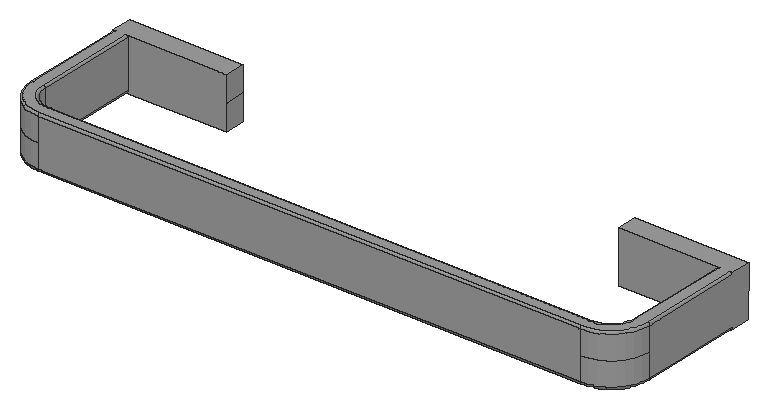
Revit family "TBA ATLAS 30 BRONCE", category Plumbing Fixtures, Revit 2019
Family settings
  Round Connector Dimension = Use Diameter
  Part Type = Normal
  OmniClass Number = 23.45.00.00
  OmniClass Title = Sanitary, Laundry, and Cleaning Equipment
  Work Plane-Based = No
  Always vertical = Yes
  Cut with Voids When Loaded = No
  Shared = No
  Room Calculation Point = No
Reference planes
  plane 1 "Center (Front/Back)": y = 0
  plane 2: z = 0
  plane 3 "Center (Left/Right)": x = 0
Forms (mm)
  Extrusion 1, solid
    sketch origin (0, 0, 0) x (1, 0, 0) y (0, 0, 1)
      loop
        line (0, 0) -> (0, -12.5) -> (55, -12.5) -> (55, 0) -> (55, 12.5) -> (0, 12.5) -> (0, 0)
      loop
        line (300, 0) -> (300, 12.5) -> (245, 12.5) -> (245, 0) -> (245, -12.5) -> (300, -12.5) -> (300, 0)
    from 0 to 10
  Sweep 2, solid
    path origin (0, 0, 0) x (1, 0, 0) y (0, 1, 0)
      loop
        line (3.5, -10) -> (3.5, -60)
        arc (3.5, -60) -> (7.893, -70.607) -> (18.5, -75) r 15
        line (18.5, -75) -> (281.5, -75)
        arc (281.5, -75) -> (292.107, -70.607) -> (296.5, -60) r 15
        line (296.5, -60) -> (296.5, -10)
    profile origin (3.5, -10, 0) x (1, 0, 0) y (0, 0, 1)
      loop
        line (-3.5, 0) -> (-3.5, -11.526)
        arc (-3.5, -11.526) -> (-3.215, -12.215) -> (-2.526, -12.5) r 0.974
        line (-2.526, -12.5) -> (2.496, -12.5)
        arc (2.496, -12.5) -> (3.206, -12.206) -> (3.5, -11.496) r 1.004
        line (3.5, -11.496) -> (3.5, 11.458)
        arc (3.5, 11.458) -> (3.195, 12.195) -> (2.458, 12.5) r 1.042
        line (2.458, 12.5) -> (-2.505, 12.5)
        arc (-2.505, 12.5) -> (-3.209, 12.209) -> (-3.5, 11.505) r 0.995
        line (-3.5, 11.505) -> (-3.5, 0)
Cuts and joins
  joined: Extrusion 1, Sweep 2
Dimensions and locks
  aligned and locked: level to plane 2
